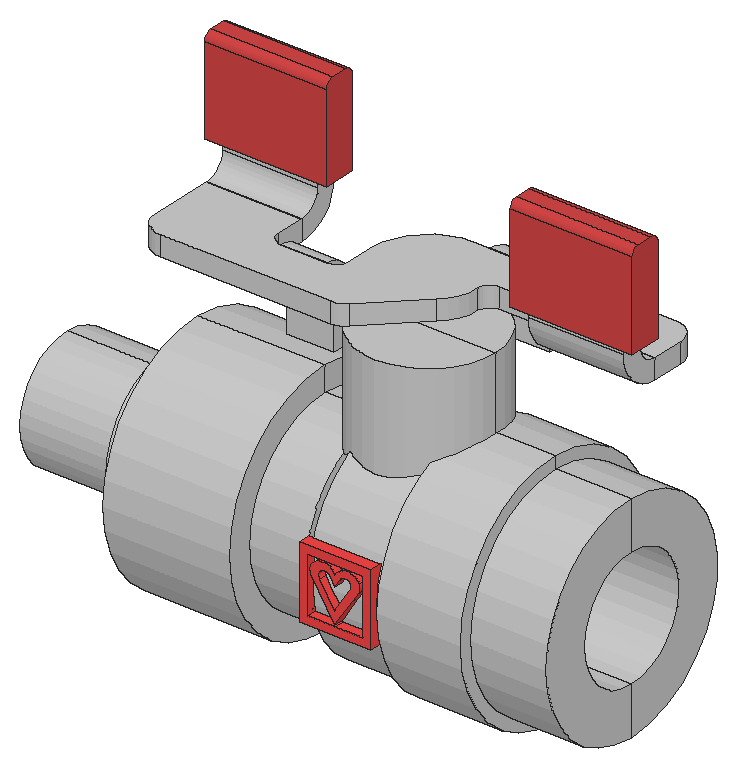
Revit family "HERZ Ball valve with T-handle (sheet steel) 2211", category Rohrzubehör, Revit 2020
Family settings
  Bemaßung runder Anschluss = Durchmesser verwenden
  Teiletyp = Unterbricht
  OmniClass-Nummer = 23.65.55.14
  OmniClass-Titel = Valves for Liquid Services
  Arbeitsebenenbasiert = Nein
  Immer vertikal = Ja
  Beim Laden mit Abzugskörper schneiden = Nein
  Gemeinsam genutzt = Nein
Parameters
  Weight [instance] = if(Nennweite = 15.000 mm, 0.23, if(Nennweite = 20.000 mm, 0.382, if(Nennweite = 25.000 mm, 0.669, if(Nennweite = 32.000 mm, 1.022, 0))))  # 0.23
  Vorgabe-Ansicht = 0.000 mm
  Spindle seals = "PTFE"  # constant formula
  Spindle = "machined brass according to EN 12164, CW614N"  # constant formula
  Part number [instance] = size_lookup("2211_3X_", "Artnr", 0, Nennweite)  # 1221131
  Min. operating temperature (water) = 0.5 °C  # constant formula
  Min. operating temperature = -30 °C  # constant formula
  Medium = "Heating water quality according to ÖNORM H5195 or VDI-Standard 2035.\r\nThe use of ethylene or propylene glycol in a mixing ratio 25- 50% is allowed."
  Max. operating temperature (water - no steam) = 110 °C  # constant formula
  Max. operating pressure (screw connection) = 1600000.0 Pa  # constant formula
  W01 = 135.00°  # constant formula
  VRL02 [instance] = size_lookup("2211_3X_", "VRL2", 1.000 mm, Nennweite)  # 16.500 mm
  VRL01 [instance] = size_lookup("2211_3X_", "VRL1", 1.000 mm, Nennweite)  # 16.000 mm
  VRD02 [instance] = size_lookup("2211_3X_", "VRD2", 1.000 mm, Nennweite)  # 15.000 mm
  VRD01 [instance] = size_lookup("2211_3X_", "VRD1", 1.000 mm, Nennweite)  # 10.500 mm
  URL = "www.herzvalves.com"
  SCRNSEQ = "ARM;ARM_TYP=\"ABVS\";2"
  SCRNCODE = "05;10;02"  # constant formula
  S04 [instance] = L07 + VRL01 + VRL02  # 45.600 mm
  S03 = 10.000 mm  # constant formula
  S02 [instance] = 2 * D01  # 19.050 mm
  S01 [instance] = L01 + L02 + L06  # 47.100 mm
  R01 [instance] = size_lookup("2211_3X_", "R1", 1.000 mm, Nennweite)  # 8.500 mm
  Nennweite [instance] = 15.000 mm
  Max. operating temperature = 150 °C  # constant formula
  Max. operating pressure = 2500000.0 Pa  # constant formula
  L07 [instance] = L01 - L03  # 13.100 mm
  L06 [instance] = size_lookup("2211_3X_", "L6", 1.000 mm, Nennweite)  # 9.600 mm
  L05 [instance] = size_lookup("2211_3X_", "L5", 1.000 mm, Nennweite)  # 19.900 mm
  L04 [instance] = size_lookup("2211_3X_", "L4", 1.000 mm, Nennweite)  # 10.500 mm
  L03 [instance] = size_lookup("2211_3X_", "L3", 1.000 mm, Nennweite)  # 8.400 mm
  L02 [instance] = size_lookup("2211_3X_", "L2", 1.000 mm, Nennweite)  # 16.000 mm
  L01 [instance] = size_lookup("2211_3X_", "L1", 1.000 mm, Nennweite)  # 21.500 mm
  Internal threaded connectors = "according to ISO 228-1"  # constant formula
  IG [instance] = Nennweite / 2  # 7.500 mm
  Hersteller = "HERZ Armaturen Ges.m.b.H"  # constant formula
  Handle = "T-handle, red, sheet steel - plated"  # constant formula
  H01 [instance] = size_lookup("2211_3X_", "H1", 1.000 mm, Nennweite)  # 24.000 mm
  GT1 [instance] = size_lookup("2211_3X_", "GT1", 1.000 mm, Nennweite)  # 10.000 mm
  GT [instance] = size_lookup("2211_3X_", "GT", 1.000 mm, Nennweite)  # 13.200 mm
  Seals (screw connection) DN32-DN50 = "KLINGER (flat sealing)"  # constant formula
  Seals (screw connection) DN15-DN25 = "EPDM (O-Ring)"  # constant formula
  Field of application = "HERZ ball valves have to be used as shut off elements.\r\nField of application are building services, such as heating or chilled water plants.\r\nBall valves are used wherever the medium flow has to be reliably closed.\r\nBall valve should not be used as regulating element so it has to be fully opened or fully closed (the handle should not be in intermediate position)."
  DN25-DN32 [instance] = if(Nennweite = 25.000 mm, 38.000 mm, 43.000 mm)  # 43.000 mm
  DN25+DN32 [instance] = or(Nennweite = 25.000 mm, Nennweite = 32.000 mm)  # no
  DN15-DN20 [instance] = if(Nennweite = 15.000 mm, 28.000 mm, 31.000 mm)  # 28.000 mm
  DN15+DN20 [instance] = or(Nennweite = 15.000 mm, Nennweite = 20.000 mm)  # yes
  D05 [instance] = size_lookup("2211_3X_", "D5", 1.000 mm, Nennweite)  # 13.500 mm
  D04 [instance] = size_lookup("2211_3X_", "D4", 1.000 mm, Nennweite)  # 14.000 mm
  D03 [instance] = size_lookup("2211_3X_", "D3", 1.000 mm, Nennweite)  # 15.000 mm
  D02 [instance] = size_lookup("2211_3X_", "D2", 1.000 mm, Nennweite)  # 12.000 mm
  D01 [instance] = size_lookup("2211_3X_", "D1", 1.000 mm, Nennweite)  # 9.525 mm
  Body = "forged brass according to EN 12165, nickel plated, CW617N"  # constant formula
  External threaded connectors = "according to ISO 7-1"  # constant formula
  Ball seals = "PTFE"  # constant formula
  Ball = "forged brass according to EN 12165, hollow, full bore, hard chrome plated, CW617N"  # constant formula
  Application = "HERZ ball valve MODUL is designed for building services such as heating and chilled water plants.\r\nThe operating conditions (temperature, pressure) should be constant."
  AG [instance] = Nennweite / 2  # 7.500 mm
Reference planes
  plane 1 "Mitte (Vorne/hinten)": y = 0
  plane 2: z = 0
  plane 3 "Mitte (Links/rechts)": x = 0
Forms (mm)
  Revolve 1, solid, material "Messing, vernickelt", detail levels fine
    sketch origin (0, 0, 0) x (1, 0, 0) y (0, 0, 1)
      loop
        line (16, 13.5) -> (16, 15) -> (5.5, 15) -> (5.5, 14) -> (-3.9, 14) -> (-5.9, 12) -> (-13.1, 12) -> (-13.1, 9.525) -> (-21.5, 9.525) -> (-21.5, 0) -> (15.6, 0) -> (15.6, 7.5) -> (25.6, 7.5) -> (25.6, 13.5) -> (16, 13.5)
      axis (-21.5, 0) -> (25.6, 0)
    angle from 0 to 360
  Revolve 2, solid, material "Messing, vernickelt", detail levels fine
    sketch origin (0, 0, 0) x (1, 0, 0) y (0, 0, 1)
      loop
        line (0, 0) -> (5.522, 0) -> (5.522, 8.202) -> (8.5, 8.202) -> (8.5, 24) -> (0, 24) -> (0, 0)
      axis (0, 24) -> (0, 0)
    angle from 0 to 360
  Revolve 3, solid, material "Messing, vernickelt", detail levels fine
    sketch origin (0, 0, 0) x (1, 0, 0) y (0, 0, 1)
      loop
        line (-13.1, 9.525) -> (-13.1, 15) -> (-29.1, 15) -> (-29.1, 10.5) -> (-32.4, 10.5) -> (-32.4, 7.5) -> (-45.6, 7.5) -> (-45.6, 0) -> (-21.5, 0) -> (-21.5, 9.525) -> (-13.1, 9.525)
      axis (-45.6, 0) -> (-13.1, 0)
    angle from 0 to 360
Lines and regions (mm)
  model lines, detail levels coarse+medium
    curve 1: line (-23.55, 9.525, 0) -> (-23.55, -9.525, 0)
    curve 2: line (-23.55, -9.525, 0) -> (23.55, 9.525, 0)
    curve 3: line (23.55, 9.525, 0) -> (23.55, -9.525, 0)
    curve 4: line (23.55, -9.525, 0) -> (-23.55, 9.525, 0)
    curve 5: circle (0, 0, 0) r 9.525 normal (0, 0, 1)
    curve 6: line (-23.55, 0, 9.525) -> (-23.55, 0, -9.525)
    curve 7: line (-23.55, 0, -9.525) -> (23.55, 0, 9.525)
    curve 8: line (23.55, 0, 9.525) -> (23.55, 0, -9.525)
    curve 9: line (23.55, 0, -9.525) -> (-23.55, 0, 9.525)
    curve 10: circle (0, 0, 0) r 9.525 normal (0, -1, 0)
    curve 11: line (-23.55, 0, 9.525) -> (-33.55, 0, 9.525)
    curve 12: line (-33.55, 0, 9.525) -> (-23.55, 0, 0)
    curve 13: line (-23.55, 0, -9.525) -> (-33.55, 0, -9.525)
    curve 14: line (-33.55, 0, -9.525) -> (-23.55, 0, 0)
    curve 15: line (-23.55, 0, 0) -> (-45.6, 0, 0)
    curve 16: line (-23.55, 9.525, 0) -> (-33.55, 9.525, 0)
    curve 17: line (-33.55, 9.525, 0) -> (-23.55, 0, 0)
    curve 18: line (-23.55, -9.525, 0) -> (-33.55, -9.525, 0)
    curve 19: line (-33.55, -9.525, 0) -> (-23.55, 0, 0)
    curve 20: line (-23.55, 0, 0) -> (-45.6, 0, 0)
Dimensions and locks
  "L01": Revolve 1 sketch curve to plane 3 "Mitte (Links/rechts)"
  "L02": Revolve 1 sketch curve to plane 3 "Mitte (Links/rechts)"
  "D01": Revolve 1 sketch curve to plane 2
  "D02": Revolve 1 sketch curve to plane 2
  "L03": Revolve 1 sketch curve to Revolve 1 sketch curve
  "R01": Revolve 2 sketch curve to plane 3 "Mitte (Links/rechts)"
  "H01": Revolve 2 sketch curve to plane 2
  "D03": Revolve 1 sketch curve to plane 2
  "D04": Revolve 1 sketch curve to plane 2
  "L04": Revolve 1 sketch curve to Revolve 1 sketch curve
  "L05": Revolve 1 sketch curve to Revolve 1 sketch curve
  "IG": Revolve 1 sketch curve to Revolve 1 sketch curve
  "GT1": Revolve 1 sketch curve to Revolve 1 sketch curve
  "L06": Revolve 1 sketch curve to Revolve 1 sketch curve
  "D05": Revolve 1 sketch curve to Revolve 1 sketch curve
  "D04": nested 1 to plane 1 "Mitte (Vorne/hinten)"
  equal spacing: curve 2, plane 1 "Mitte (Vorne/hinten)", curve 4
  equal spacing: curve 4, plane 1 "Mitte (Vorne/hinten)", curve 3
  "S02": curve 4 to curve 2
  "S02": curve 3 to curve 4
  equal spacing: curve 1, plane 3 "Mitte (Links/rechts)", curve 3
  "S01": curve 1 to curve 3
  "S02": curve 9 to curve 7
  equal spacing: curve 9, plane 2, curve 7
  equal spacing: curve 8, plane 2, curve 9
  "S02": curve 8 to curve 9
  "S01": curve 6 to curve 8
  equal spacing: curve 6, plane 3 "Mitte (Links/rechts)", curve 8
  "AG": Revolve 3 sketch curve to plane 2
  "D01": Revolve 3 sketch curve to Revolve 3 sketch curve
  "L03": Revolve 3 sketch curve to Revolve 3 sketch curve
  "L07": plane 3 "Mitte (Links/rechts)" to Revolve 3 sketch curve
  "VRL01": Revolve 3 sketch curve to Revolve 3 sketch curve
  "VRL02": Revolve 3 sketch curve to Revolve 3 sketch curve
  "GT": Revolve 3 sketch curve to Revolve 3 sketch curve
  "VRD01": Revolve 3 sketch curve to level
  "VRD02": Revolve 3 sketch curve to Revolve 3 sketch curve
  "S04": plane 3 "Mitte (Links/rechts)" to curve 15
  "S03": curve 12 to curve 6
  "S03": curve 17 to curve 1
  "S04": curve 20 to plane 3 "Mitte (Links/rechts)"
  "DN15-DN20": nested 2 to plane 2
  "DN25-DN32": nested 3 to plane 2
  "S02": diameter of curve 5
  "S02": diameter of curve 10
  "W01": angle Revolve 1 sketch curve to Revolve 1 sketch curve
  aligned and locked: level to plane 2
Automatic sketch dimensions
  curve 10 to level = 0.000 mm
  curve 10 to plane 3 "Mitte (Links/rechts)" = 0.000 mm
  curve 15 to level = 0.000 mm
  curve 12 to level = 0.000 mm
  curve 13 to curve 6 = 10.000 mm
  plane 1 "Mitte (Vorne/hinten)" to curve 5 = 0.000 mm
  curve 5 to plane 3 "Mitte (Links/rechts)" = 0.000 mm
  plane 1 "Mitte (Vorne/hinten)" to curve 20 = 0.000 mm
  plane 1 "Mitte (Vorne/hinten)" to curve 19 = 0.000 mm
  curve 18 to curve 1 = 10.000 mm
  Revolve 1 sketch curve to level = 0.000 mm  (x2)
  Revolve 1 sketch curve to Revolve 1 sketch curve = 1481.630 mm
  Revolve 1 sketch curve to Revolve 1 sketch curve = 1814.648 mm
  Revolve 2 sketch curve to level = 0.000 mm
  Revolve 2 sketch curve to plane 3 "Mitte (Links/rechts)" = 0.000 mm  (x2)
  plane 3 "Mitte (Links/rechts)" to Revolve 2 sketch curve = 5.522 mm
  level to Revolve 2 sketch curve = 8.202 mm
  Revolve 2 sketch curve to Revolve 2 sketch curve = 366.045 mm
  Revolve 2 sketch curve to Revolve 2 sketch curve = 2190.315 mm
  Revolve 3 sketch curve to level = 0.000 mm  (x2)
  Revolve 3 sketch curve to Revolve 3 sketch curve = 1461.804 mm
  plane 3 "Mitte (Links/rechts)" to Revolve 3 sketch curve = 1839.148 mm
Nested families
  nested 1: "Herz-Logo-vorne" at (0, -14, 0) x (0, 1, 0) z (0, 0, 1), type "Herz-Logo-vorne", detail levels fine
  nested 2: "Knebelgriff (Blech) DN15-DN20" at (0, 0, 28), visible <- "DN15+DN20", type "Knebelgriff (Blech) DN15-DN20"
  nested 3: "Knebelgriff (Blech) DN25-DN32" at (0, 0, 43), visible <- "DN25+DN32", type "Knebelgriff (Blech) DN25-DN32"
Connectors
  piping at (6.5, 0, 0), diameter 15, driven by "Nennweite"
    settings: on Revolve 1, index 1, connector inside diameter 609.6 mm, connector length 0.000 mm, flow factor 0, pipe flow 0.0 L/s, pressure drop 0.0 Pa, fitting loss kfactor 0, connector angle 0.00°, fixture units 0, engagement length 0.000 mm, angle of deflection 0.00°, flow configuration 0, flow direction 0, fitting loss method 0, system type 7, joint type 0, gender type 0, connector reference index -1, connector utility 0, adjustable connector no, is connector primary yes, connector description ""
  piping at (-45.6, 0, 0), diameter 15, driven by "Nennweite"
    settings: on Revolve 3, index 2, connector inside diameter 609.6 mm, connector length 0.000 mm, flow factor 0, pipe flow 0.0 L/s, pressure drop 0.0 Pa, fitting loss kfactor 0, connector angle 0.00°, fixture units 0, engagement length 0.000 mm, angle of deflection 0.00°, flow configuration 0, flow direction 0, fitting loss method 0, system type 7, joint type 0, gender type 0, connector reference index -1, connector utility 0, adjustable connector no, is connector primary no, connector description ""
Definition of nested family "Herz-Logo-vorne"
  Parameters (values of type "Herz-Logo-vorne")
    Default Elevation = 0.000 mm
  Reference planes
    plane 1 "Mitte (Vorne/hinten)": y = 0
    plane 2: z = 0
    plane 3 "Mitte (Links/rechts)": x = 0
  Forms (mm)
    Extrusion 1, solid
      sketch origin (0.732, -0.018, 0.017) x (0, -1, 0) y (0, 0, 1)
        loop
          line (-0.018, -4.517) -> (4.482, -4.517) -> (4.482, 4.483) -> (-4.518, 4.483) -> (-4.518, -4.517) -> (-0.018, -4.517)
        loop
          line (-0.05, -3.48) -> (3.482, -3.48) -> (3.482, 3.483) -> (-3.518, 3.483) -> (-3.518, -3.48) -> (-0.05, -3.48)
        loop
          arc (-0.018, 2.383) -> (-1.543, 3.287) -> (-3.067, 2.383) r 1.738
          arc (-3.067, 2.383) -> (-3.191, 1.899) -> (-3.067, 1.415) r 1.009
          line (-3.067, 1.415) -> (-0.018, -3.281) -> (3.032, 1.415)
          arc (3.032, 1.415) -> (3.156, 1.899) -> (3.032, 2.383) r 1.009
          arc (3.032, 2.383) -> (1.507, 3.287) -> (-0.018, 2.383) r 1.738
        loop
          arc (1.885, 1.272) -> (2.005, 1.675) -> (1.885, 2.079) r 0.74
          arc (1.885, 2.079) -> (1.265, 2.416) -> (0.644, 2.079) r 0.74
          line (0.644, 2.079) -> (-0.018, 0.97) -> (-0.679, 2.079)
          arc (-0.679, 2.079) -> (-1.3, 2.416) -> (-1.921, 2.079) r 0.74
          arc (-1.921, 2.079) -> (-2.04, 1.675) -> (-1.921, 1.272) r 0.74
          line (-1.921, 1.272) -> (-0.018, -1.658) -> (1.885, 1.272)
      from 0 to 1.5
  Dimensions and locks
    aligned and locked: level to plane 2
Definition of nested family "Knebelgriff (Blech) DN15-DN20"
  Parameters (values of type "Knebelgriff (Blech) DN15-DN20")
    Default Elevation = 0.000 mm
  Reference planes
    plane 1 "Mitte (Vorne/hinten)": y = 0
    plane 2: z = 0
    plane 3 "Mitte (Links/rechts)": x = 0
  Forms (mm)
    Extrusion 1, solid, detail levels fine
      sketch origin (0, 0, 0) x (1, 0, 0) y (0, 1, 0)
        loop
          line (-7, 0) -> (-7, -3.8)
          arc (-7, -3.8) -> (-7.439, -4.861) -> (-8.5, -5.3) r 1.5
          line (-8.5, -5.3) -> (-14.5, -5.3)
          arc (-14.5, -5.3) -> (-15.561, -4.861) -> (-16, -3.8) r 1.5
          line (-16, -3.8) -> (-16, 0) -> (-28, 0) -> (-28, -8.1)
          arc (-28, -8.1) -> (-27.121, -10.221) -> (-25, -11.1) r 3
          line (-25, -11.1) -> (-3.453, -11.1)
          arc (-3.453, -11.1) -> (-2.496, -10.91) -> (-1.685, -10.368) r 2.5
          line (-1.685, -10.368) -> (4.443, -4.24)
          arc (4.443, -4.24) -> (5.743, -2.295) -> (6.2, 0) r 6
          arc (6.2, 0) -> (6.64, 1.06) -> (7.7, 1.499) r 1.5
          line (7.7, 1.499) -> (15.1, 1.499)
          arc (15.1, 1.499) -> (16.16, 1.06) -> (16.6, 0) r 1.5
          line (16.6, 0) -> (28.6, 0) -> (28.6, 4)
          arc (28.6, 4) -> (27.721, 6.121) -> (25.6, 7) r 3
          line (25.6, 7) -> (0, 7)
          arc (0, 7) -> (-4.95, 4.95) -> (-7, 0) r 7
      from 0 to 2.5
    Extrusion 2, solid, detail levels fine
      sketch origin (0, 0, 0) x (0, 1, 0) y (0, 0, 1)
        loop
          arc (2.5, 5) -> (1.768, 3.232) -> (0, 2.5) r 2.5
          line (0, 2.5) -> (0, 0)
          arc (0, 0) -> (3.536, 1.464) -> (5, 5) r 5
          line (5, 5) -> (5, 6) -> (2.5, 6) -> (2.5, 5)
      from -28 to -16
    Extrusion 3, solid, detail levels fine
      sketch origin (0, 5.3, 0) x (0, 1, 0) y (0, 0, 1)
        loop
          line (-7.8, 5) -> (-7.8, 6) -> (-10.3, 6) -> (-10.3, 5)
          arc (-10.3, 5) -> (-8.836, 1.464) -> (-5.3, 0) r 5
          line (-5.3, 0) -> (-5.3, 2.5)
          arc (-5.3, 2.5) -> (-7.068, 3.232) -> (-7.8, 5) r 2.5
      from 16.6 to 28.6
    Extrusion 4, solid, detail levels fine
      sketch origin (0, 0, 0) x (0, 1, 0) y (0, 0, 1)
        loop
          line (5.75, 6) -> (5.75, 17.041)
          arc (5.75, 17.041) -> (5.469, 17.719) -> (4.791, 18) r 0.959
          line (4.791, 18) -> (2.773, 18)
          arc (2.773, 18) -> (2.05, 17.7) -> (1.75, 16.977) r 1.023
          line (1.75, 16.977) -> (1.75, 6) -> (5.75, 6)
      from -29.7 to -14.3
    Extrusion 5, solid, detail levels fine
      sketch origin (0, 0, 0) x (0, 1, 0) y (0, 0, 1)
        loop
          line (-5.75, 6) -> (-1.75, 6) -> (-1.75, 17)
          arc (-1.75, 17) -> (-2.043, 17.707) -> (-2.75, 18) r 1
          line (-2.75, 18) -> (-4.75, 18)
          arc (-4.75, 18) -> (-5.457, 17.707) -> (-5.75, 17) r 1
          line (-5.75, 17) -> (-5.75, 6)
      from 30.3 to 14.9
    Extrusion 6, solid, detail levels fine
      sketch origin (0, 0, 0) x (0, 1, 0) y (0, 0, 1)
        loop
          line (9, -2) -> (9, -8) -> (11.5, -8) -> (11.5, -2)
          arc (11.5, -2) -> (10.182, 1.182) -> (7, 2.5) r 4.5
          line (7, 2.5) -> (7, 0)
          arc (7, 0) -> (8.414, -0.586) -> (9, -2) r 2
      from 8.1 to 2.1
    Extrusion 7, solid, detail levels fine
      sketch origin (0, 0, 0) x (0, 1, 0) y (0, 0, 1)
        loop
          line (-4.3, -1) -> (-4.3, -8) -> (-1.8, -8) -> (-1.8, -1)
          arc (-1.8, -1) -> (-2.825, 1.475) -> (-5.3, 2.5) r 3.5
          line (-5.3, 2.5) -> (-5.3, 0)
          arc (-5.3, 0) -> (-4.593, -0.293) -> (-4.3, -1) r 1
      from -14.5 to -8.5
  Dimensions and locks
    aligned and locked: level to plane 2
Definition of nested family "Knebelgriff (Blech) DN25-DN32"
  Parameters (values of type "Knebelgriff (Blech) DN25-DN32")
    Default Elevation = 0.000 mm
  Reference planes
    plane 1 "Mitte (Vorne/hinten)": y = 0
    plane 2: z = 0
    plane 3 "Mitte (Links/rechts)": x = 0
  Forms (mm)
    Extrusion 1, solid, detail levels fine
      sketch origin (0, 0, 0) x (1, 0, 0) y (0, 1, 0)
        loop
          arc (0, 9) -> (-6.364, 6.364) -> (-9, 0) r 9
          line (-9, 0) -> (-9, -4.1)
          arc (-9, -4.1) -> (-9.439, -5.161) -> (-10.5, -5.6) r 1.5
          line (-10.5, -5.6) -> (-20, -5.6)
          arc (-20, -5.6) -> (-21.061, -5.161) -> (-21.5, -4.1) r 1.5
          line (-21.5, -4.1) -> (-21.5, 0) -> (-39.1, 0) -> (-39.1, -10.6)
          arc (-39.1, -10.6) -> (-38.221, -12.721) -> (-36.1, -13.6) r 3
          line (-36.1, -13.6) -> (-10.5, -13.6)
          arc (-10.5, -13.6) -> (-8.037, -13.275) -> (-5.742, -12.323) r 9.5
          line (-5.742, -12.323) -> (0, -9)
          arc (0, -9) -> (2.463, -8.675) -> (4.758, -7.723) r 9.5
          line (4.758, -7.723) -> (16.029, -0.25)
          arc (16.029, -0.25) -> (16.522, 0.291) -> (16.7, 1) r 1.5
          arc (16.7, 1) -> (17.139, 2.061) -> (18.2, 2.5) r 1.5
          line (18.2, 2.5) -> (20.9, 2.5)
          arc (20.9, 2.5) -> (21.961, 2.061) -> (22.4, 1) r 1.5
          line (22.4, 1) -> (22.4, 0) -> (40, 0) -> (40, 7.5)
          arc (40, 7.5) -> (39.121, 9.621) -> (37, 10.5) r 3
          line (37, 10.5) -> (2.1, 10.5) -> (2.1, 9) -> (0, 9)
      from 0 to 3
    Extrusion 2, solid, detail levels fine
      sketch origin (0, 0, 0) x (0, 1, 0) y (0, 0, 1)
        loop
          arc (3, 6) -> (2.121, 3.879) -> (0, 3) r 3
          line (0, 3) -> (0, 0)
          arc (0, 0) -> (4.243, 1.757) -> (6, 6) r 6
          line (6, 6) -> (3, 6)
      from -39.1 to -21.5
    Extrusion 3, solid, detail levels fine
      sketch origin (0, 0, 0) x (0, 1, 0) y (0, 0, 1)
        loop
          arc (0, 3) -> (-2.121, 3.879) -> (-3, 6) r 3
          line (-3, 6) -> (-6, 6)
          arc (-6, 6) -> (-4.243, 1.757) -> (0, 0) r 6
          line (0, 0) -> (0, 3)
      from 22.4 to 40
    Extrusion 4, solid, detail levels fine
      sketch origin (0, 0, 0) x (0, 1, 0) y (0, 0, 1)
        loop
          line (7.5, 6) -> (7.5, 24.5)
          arc (7.5, 24.5) -> (7.061, 25.561) -> (6, 26) r 1.5
          line (6, 26) -> (3, 26)
          arc (3, 26) -> (1.939, 25.561) -> (1.5, 24.5) r 1.5
          line (1.5, 24.5) -> (1.5, 6) -> (7.5, 6)
      from -42.05 to -18.55
    Extrusion 5, solid, detail levels fine
      sketch origin (0, 0, 0) x (0, 1, 0) y (0, 0, 1)
        loop
          line (-7.5, 6) -> (-1.5, 6) -> (-1.5, 24.5)
          arc (-1.5, 24.5) -> (-1.939, 25.561) -> (-3, 26) r 1.5
          line (-3, 26) -> (-6, 26)
          arc (-6, 26) -> (-7.061, 25.561) -> (-7.5, 24.5) r 1.5
          line (-7.5, 24.5) -> (-7.5, 6)
      from 19.45 to 42.95
    Extrusion 6, solid, detail levels fine
      sketch origin (0, 0, 0) x (0, 1, 0) y (0, 0, 1)
        loop
          arc (14, -0.5) -> (12.975, 1.975) -> (10.5, 3) r 3.5
          line (10.5, 3) -> (10.5, 0)
          arc (10.5, 0) -> (10.854, -0.146) -> (11, -0.5) r 0.5
          line (11, -0.5) -> (11, -9) -> (14, -9) -> (14, -0.5)
      from 2.1 to 8.1
    Extrusion 7, solid, detail levels fine
      sketch origin (0, -16.1, 0) x (0, 1, 0) y (0, 0, 1)
        loop
          arc (14, -0.5) -> (12.975, 1.975) -> (10.5, 3) r 3.5
          line (10.5, 3) -> (10.5, 0)
          arc (10.5, 0) -> (10.854, -0.146) -> (11, -0.5) r 0.5
          line (11, -0.5) -> (11, -9) -> (14, -9) -> (14, -0.5)
      from -12 to -18
  Dimensions and locks
    aligned and locked: level to plane 2
